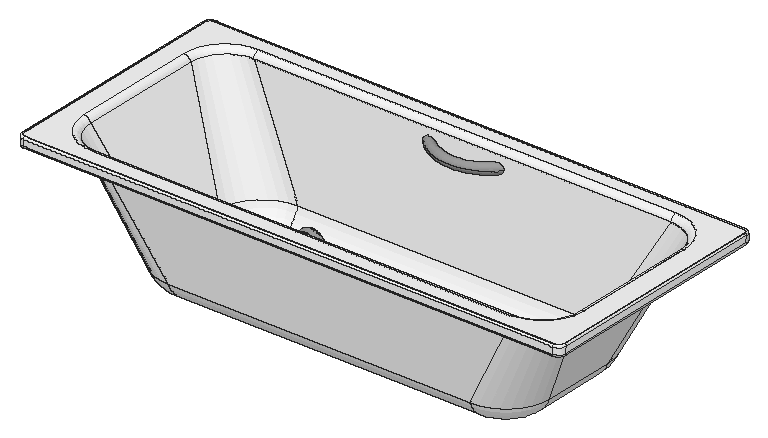
Revit family "KDW030001", category Plumbing Fixtures, Revit 2015
Parameters
  Youtube clip = ""
  Weight Net (Kg) = "0"
  Weight = "n/a"
  Website link = "https://www.kaldewei.co.uk/products/baths/detail/product/cayono-duo/"
  WaterSupplyOverflowAndWasteHolesWaterSupply = "n/a"
  WaterSupplyOverflowAndWasteHolesWaste = "52 mm"
  WaterSupplyOverflowAndWasteHolesOverflow = "52 mm"
  WarrantyStartDate = "https://www.kaldewei.co.uk/fileadmin/data/sprachen/englisch/prospekte/rest/GB_GUARANTEE__CARE_AND_INSTALLATION_INSTRUCTIONS.pdf"
  WarrantyDurationUnit = "Year"
  WarrantyDurationParts = "30"
  VolumeToOverflowMaximum = "n/a"
  Version = "2"
  Uniformat II Description = ""
  Uniformat II Code = ""
  Uniclass 2015 Name = ""
  Uniclass 2015 Code = ""
  Uniclass 2015 = "Pr_40_20_06_08"
  Uniclass 2.0 Description = "Baths"
  Uniclass 2.0 Code = "PR-35-06-08"
  Uniclass 1.4 Description = "Baths"
  Uniclass 1.4 Code = "L7211"
  URL = "https://www.kaldewei.com"
  UNSPSCNames = "Sanitary ware "
  UNSPSCCode = "30181500"
  UNSPSC Code = "30181501"
  Type of support framing = "https://www.kaldewei.co.uk/products/baths/detail/product/cayono-duo/?tx_wkkaldeweiproducts_product%5Bmodellnr%5D=724&cHash=26f9362ccc45a5278657edeca09c4003#tabConfiguration"
  Type of accessories = "https://www.kaldewei.co.uk/products/baths/detail/product/cayono-duo/?tx_wkkaldeweiproducts_product%5Bmodellnr%5D=724&cHash=26f9362ccc45a5278657edeca09c4003#tabConfiguration"
  Technical description = "https://www.kaldewei.co.uk/fileadmin/data/sprachen/englisch/techdata/KADBE_CAYONODUO___________724__.pdf"
  Technical data link = "https://kaldewei.typo-live.web-factory.de/fileadmin/data/sprachen/englisch/techdata/KADBE_CAYONODUO___________724__.pdf"
  Sustainability = "https://kaldewei-fa.secure.footprint.net/data/sprachen/englisch/prospekte/rest/Steel_Enamel_Baths_and_Shower_Trays.pdf"
  Sound Insulation = "DIN 4109:2016, VDI4100:2012"
  Size = "750x1700x400"
  Shape = "Rectangular baths"
  SerialNumber = "724"
  Region South America = "AR, BO, BR, CL, CO, EC, FK, GF, GY, PE, PY, SR, UY, VE"
  Region Oceania = "AS, AU, CK, FJ, FM, GU, KI, MH, MP, NC, NF, NR, NU, NZ, PF, PG, PN, PW, SB, TK, TL, TO, TV, UM, WF, WS, VU"
  Region North America = "AG, AI, AW, BB, BL, BM, BQ, BS, BZ, CA, CR, CU, CW, DM, DO, GD, GL, GP, GT, HN, HT, JM, KN, KY, LC, MF, MQ, MS, MX, NI, PA, PM, PR, SV, SX, TC, TT, US, VC, VG, VI"
  Region Middle East = "AE, AF, BH, EG, IL, IQ, IR, JO, KW, LB, OM, PS, QA, SA, SY, TR, YE"
  Region Europe = "AD, AL, AT, AX, BA, BE, BG, BY, CH, CY, CZ, DE, DK, EE, ES, FI, FO, FR, GB, GG, GI, GR, HR, HU, IE, IM, IS, IT, JE, LI, LT, LU, LV, MC, MD, ME, MK, MT, NL, NO, PL, PT, RO, RS, RU, SE, SI, SJ, SK, SM, UA, VA"
  Region Asia = "AM, AZ, BD, BN, BT, CC, CN, CX, GE, HK, ID, IN, IO, JP, KG, KH, KP, KR, KZ, LA, LK, MM, MN, MO, MV, MY, NP, PH, PK, SG, TH, TJ, TM, TW, UZ, VN"
  Region Antarctica = "AQ, BV, GS, HM, TF"
  Region Africa = "AO, BF, BI, BJ, BW, CD, CF, CG, CI, CM, CV, DJ, DZ, EH, ER, ET, GA, GH, GM, GN, GQ, GW, KE, KM, LR, LS, LY, MA, MG, ML, MR, MU, MW, MZ, NA, NE, NG, RE, RW, SC, SD, SH, SL, SN, SO, SS, ST, SZ, TD, TG, TN, TZ, UG, YT, ZA, ZM, ZW"
  QR code = "http://bimobject.com/kaldewei/product/724"
  ProductInformation = "Model No. 724: The CAYONO DUO is the first KALDEWEI duo bathtub in the ADVANTAGE segment and offers an attractive solution for two people bathing together. The CAYONO DUO’s hallmarks are lavish space, reclining comfort and a voluminous interior. Together with CAYONOPLAN showers and PURO washbasins, CAYONO bathtubs are now the new standard in the family bathroom."
  Product url = "https://www.kaldewei.co.uk/products/baths/detail/product/cayono-duo/"
  Product group = "Bathtub"
  Product family = "CAYONO"
  Product data url = "https://bimobject.com/kaldewei/product/724"
  Product certification = "https://www.kaldewei.co.uk/fileadmin/data/sprachen/alle/pdfs/leistungserkla__rungBW-DW-WT-0216Web.pdf"
  Product SKU = "724"
  Product Guid = "a56f45b6-51db-42b4-8e88-261e4862a7d3"
  Polantis code = "KDW030001"
  PanelMaterial = "n/a"
  OmniClass Description = ""
  OmniClass Code = ""
  ObjectNorm = "EN 14516 EU DECLARATION OF PERFORMANCE (https://www.kaldewei.de/fileadmin/data/sprachen/alle/pdfs/leistungserkla__rungBW-DW-WT-0216Web.pdf)"
  ObjectName = "CAYONO DUO 750x1700x400"
  Nominal width = 1700 cm
  Nominal height = 750 cm
  Name = "CAYONO DUO"
  NBS Reference Description = "Baths"
  NBS Reference Code = "35-06-08"
  Material secondary = "Enamel"
  Material main = "Steel"
  Material = "steel enamel"
  Masterformat 2014 Description = ""
  Masterformat 2014 Code = ""
  ManufacturerName = "KALDEWEI"
  ManufacturerEmail = "info@kaldewei.de"
  ManufacturerCountry = "GERMANY"
  Manufacturer name = ""
  Manufacturer country = "Germany"
  Link towards a photo of the product = "https://www.kaldewei.co.uk/products/baths/detail/product/cayono-duo/?tx_wkkaldeweiproducts_product%5Bmodellnr%5D=724&cHash=26f9362ccc45a5278657edeca09c4003#tabConfiguration"
  Installation instructions = ""
  IfcExportType = "IfcSanitaryTerminalType"
  IfcExportAs = "BATH"
  IFC Classification = "Furnishing Element"
  Finish = "https://www.kaldewei.co.uk/products/baths/extras-installation/surfaces/"
  Edition number = "1"
  EAN code = ""
  Durability = "https://EN 14516"
  DrainSize = "52 mm"
  Design country = "Germany"
  Description details = "KALDEWEI international Worldwide partner for iconic bathroom solutions made of KALDEWEI steel enamel  KALDEWEI steel enamel delivers unique advantages that inspire excellence in bathroom design. Projects across the world, from upmarket hotels to private homes, capture the sophisticated aesthetic that recommends KALDEWEI as the partner of choice. As a leading international manufacturer of high-quality shower surfaces, bathtubs and washbasins made of superior steel enamel, KALDEWEI today is present in more than 80 countries."
  Date of publishing = ""
  Configurator link = "https://www.kaldewei.co.uk/products/baths/detail/product/cayono-duo/?tx_wkkaldeweiproducts_product%5Bmodellnr%5D=724&cHash=26f9362ccc45a5278657edeca09c4003#tabConfiguration"
  ColourOptions = "https://www.kaldewei.co.uk/inspiration/material/colours/"
  Color = "https://www.kaldewei.co.uk/inspiration/material/colours/"
  COBIe Type Category = ""
  Brand url = "http://www.kaldewei.com"
  BIMobject category = "Bath & Spas"
  Additional features of the object = "https://www.kaldewei.co.uk/products/baths/detail/product/cayono-duo/?tx_wkkaldeweiproducts_product%5Bmodellnr%5D=724&cHash=26f9362ccc45a5278657edeca09c4003#tabConfiguration"
  Accessory [instance] = yes
Reference planes (cm)
  plane 1 "Center (Front/Back)": y = 0
  plane 2: z = -0.8406
  plane 3 "Center (Left/Right)": x = 0
Lines and regions (cm)
  symbolic lines, style "Lines"
    curve 1: arc (4.2742, 0, -0.8406) -> (-0.0632, 4.3374, -0.8406) -> (-4.4006, 0, -0.8406) r 4.3374
    curve 2: arc (-4.4006, 0, -0.8406) -> (-0.0632, -4.3374, -0.8406) -> (4.2742, 0, -0.8406) r 4.3374
    curve 3: arc (-65.2831, 32.5434, -0.8406) -> (-74.4754, 28.7358, -0.8406) -> (-78.2831, 19.5434, -0.8406) r 13
    curve 4: arc (78.1545, 19.5434, -0.8406) -> (74.3469, 28.7358, -0.8406) -> (65.1545, 32.5434, -0.8406) r 13
    curve 5: arc (65.1545, -32.5434, -0.8406) -> (74.3469, -28.7358, -0.8406) -> (78.1545, -19.5434, -0.8406) r 13
    curve 6: arc (-78.2831, -19.5434, -0.8406) -> (-74.4754, -28.7358, -0.8406) -> (-65.2831, -32.5434, -0.8406) r 13
    curve 7: arc (60.6137, 11.3736, -0.8406) -> (56.601, 21.061, -0.8406) -> (46.9137, 25.0736, -0.8406) r 13.7
    curve 8: arc (46.9137, -25.1349, -0.8406) -> (56.601, -21.1223, -0.8406) -> (60.6137, -11.4349, -0.8406) r 13.7
    curve 9: arc (-60.7418, -11.4349, -0.8406) -> (-56.7291, -21.1223, -0.8406) -> (-47.0418, -25.1349, -0.8406) r 13.7
    curve 10: arc (-47.0418, 25.0736, -0.8406) -> (-56.7291, 21.061, -0.8406) -> (-60.7418, 11.3736, -0.8406) r 13.7
    curve 11: arc (4.2742, 0, -0.8406) -> (-0.0632, 4.3374, -0.8406) -> (-4.4006, 0, -0.8406) r 4.3374
    curve 12: arc (-4.4006, 0, -0.8406) -> (-0.0632, -4.3374, -0.8406) -> (4.2742, 0, -0.8406) r 4.3374
    curve 13: line (-8.3853, 30.1818, -0.8406) -> (-12.4579, 30.1304, -0.8406)
    curve 14: line (13.3101, 30.1304, -0.8406) -> (9.2375, 30.1818, -0.8406)
    curve 15: arc (-12.4579, 30.1304, -0.8406) -> (0.4261, 23.9775, -0.8406) -> (13.3101, 30.1304, -0.8406) r 16.5658
    curve 16: arc (-8.3853, 30.1818, -0.8406) -> (0.4261, 27.0257, -0.8406) -> (9.2375, 30.1818, -0.8406) r 13.8783
    curve 17: spline (4.3884, -29.0857, -0.8406) -> (4.3978, -29.0856, -0.8406) -> (4.4071, -29.0853, -0.8406) -> (4.416, -29.0848, -0.8406) -> (4.4245, -29.0841, -0.8406) -> (4.4323, -29.0833, -0.8406) -> (4.4394, -29.0822, -0.8406) -> (4.4456, -29.0811, -0.8406) -> (4.4509, -29.0798, -0.8406) -> (4.455, -29.0785, -0.8406) -> (4.4581, -29.077, -0.8406) -> (4.4599, -29.0755, -0.8406) -> (4.4605, -29.074, -0.8406)
    curve 18: spline (4.4605, -29.074, -0.8406) -> (4.4788, -29.0522, -0.8406) -> (4.4937, -29.0304, -0.8406) -> (4.5053, -29.0086, -0.8406) -> (4.5136, -28.9867, -0.8406) -> (4.5186, -28.9648, -0.8406) -> (4.5202, -28.9428, -0.8406) -> (4.5186, -28.9209, -0.8406) -> (4.5136, -28.899, -0.8406) -> (4.5053, -28.8771, -0.8406) -> (4.4937, -28.8552, -0.8406) -> (4.4788, -28.8334, -0.8406) -> (4.4605, -28.8117, -0.8406)
    curve 19: spline (4.4605, -28.8117, -0.8406) -> (4.4574, -28.81, -0.8406) -> (4.4531, -28.8084, -0.8406) -> (4.4478, -28.8069, -0.8406) -> (4.4415, -28.8055, -0.8406) -> (4.4343, -28.8042, -0.8406) -> (4.4262, -28.8031, -0.8406) -> (4.4174, -28.8021, -0.8406) -> (4.4081, -28.8013, -0.8406) -> (4.3982, -28.8006, -0.8406) -> (4.3879, -28.8002, -0.8406) -> (4.3773, -28.7999, -0.8406) -> (4.3667, -28.7998, -0.8406)
    curve 20: spline (3.9267, -28.7998, -0.8406) -> (3.9168, -28.8004, -0.8406) -> (3.9072, -28.8011, -0.8406) -> (3.8983, -28.8021, -0.8406) -> (3.89, -28.8031, -0.8406) -> (3.8824, -28.8043, -0.8406) -> (3.8757, -28.8057, -0.8406) -> (3.8698, -28.8071, -0.8406) -> (3.865, -28.8086, -0.8406) -> (3.8611, -28.8103, -0.8406) -> (3.8583, -28.8119, -0.8406) -> (3.8567, -28.8136, -0.8406) -> (3.8561, -28.8153, -0.8406)
    curve 21: spline (3.8538, -29.0704, -0.8406) -> (3.8809, -29.0497, -0.8406) -> (3.9031, -29.0289, -0.8406) -> (3.9206, -29.0079, -0.8406) -> (3.9332, -28.9869, -0.8406) -> (3.9409, -28.9658, -0.8406) -> (3.9437, -28.9447, -0.8406) -> (3.9417, -28.9236, -0.8406) -> (3.9347, -28.9025, -0.8406) -> (3.923, -28.8814, -0.8406) -> (3.9063, -28.8605, -0.8406) -> (3.8848, -28.8396, -0.8406) -> (3.8586, -28.8189, -0.8406)
    curve 22: spline (3.8538, -29.0704, -0.8406) -> (3.8535, -29.0723, -0.8406) -> (3.8547, -29.0742, -0.8406) -> (3.8577, -29.0761, -0.8406) -> (3.8622, -29.0779, -0.8406) -> (3.8682, -29.0796, -0.8406) -> (3.8756, -29.0811, -0.8406) -> (3.8842, -29.0824, -0.8406) -> (3.8938, -29.0836, -0.8406) -> (3.9044, -29.0845, -0.8406) -> (3.9156, -29.0851, -0.8406) -> (3.9273, -29.0855, -0.8406) -> (3.9392, -29.0857, -0.8406)
    curve 23: spline (4.4605, -29.7644, -0.8406) -> (4.4701, -29.7536, -0.8406) -> (4.4788, -29.7427, -0.8406) -> (4.4866, -29.7318, -0.8406) -> (4.4937, -29.7209, -0.8406) -> (4.4999, -29.71, -0.8406) -> (4.5053, -29.699, -0.8406) -> (4.5099, -29.6881, -0.8406) -> (4.5136, -29.6771, -0.8406) -> (4.5165, -29.6662, -0.8406) -> (4.5186, -29.6552, -0.8406) -> (4.5198, -29.6442, -0.8406) -> (4.5202, -29.6333, -0.8406)
    curve 24: spline (4.3884, -29.7761, -0.8406) -> (4.3978, -29.776, -0.8406) -> (4.4071, -29.7757, -0.8406) -> (4.416, -29.7752, -0.8406) -> (4.4245, -29.7746, -0.8406) -> (4.4323, -29.7737, -0.8406) -> (4.4394, -29.7727, -0.8406) -> (4.4456, -29.7716, -0.8406) -> (4.4509, -29.7703, -0.8406) -> (4.455, -29.7689, -0.8406) -> (4.4581, -29.7675, -0.8406) -> (4.4599, -29.766, -0.8406) -> (4.4605, -29.7644, -0.8406)
    curve 25: line (-65.2831, 32.5434, -0.8406) -> (65.1545, 32.5434, -0.8406)
    curve 26: line (78.1545, 19.5434, -0.8406) -> (78.1545, -19.5434, -0.8406)
    curve 27: line (65.1545, -32.5434, -0.8406) -> (-65.2831, -32.5434, -0.8406)
    curve 28: line (-78.2831, -19.5434, -0.8406) -> (-78.2831, 19.5434, -0.8406)
    curve 29: line (-47.0418, 25.0736, -0.8406) -> (-5.584, 25.0736, -0.8406)
    curve 30: line (6.4356, 25.0736, -0.8406) -> (46.9137, 25.0736, -0.8406)
    curve 31: line (60.6137, 11.3736, -0.8406) -> (60.6137, -11.4349, -0.8406)
    curve 32: line (46.9137, -25.1349, -0.8406) -> (-47.0418, -25.1349, -0.8406)
    curve 33: line (-60.7418, -11.4349, -0.8406) -> (-60.7418, 11.3736, -0.8406)
    curve 34: line (-85.0643, 35.2, -0.8406) -> (-85.0643, -35.2, -0.8406)
    curve 35: line (-82.7643, -37.5, -0.8406) -> (82.6623, -37.5, -0.8406)
    curve 36: line (84.9357, -35.2266, -0.8406) -> (84.9357, 35.2, -0.8406)
    curve 37: line (82.6357, 37.5, -0.8406) -> (-82.7643, 37.5, -0.8406)
    curve 38: line (2.4599, -29.7763, -0.8406) -> (3.9267, -29.7763, -0.8406)
    curve 39: line (3.9267, -29.7763, -0.8406) -> (3.9267, -29.4999, -0.8406)
    curve 40: line (3.9267, -29.4999, -0.8406) -> (3.497, -29.4999, -0.8406)
    curve 41: line (4.4605, -29.7644, -0.8406) -> (4.4605, -29.074, -0.8406)
    curve 42: line (4.5202, -29.6333, -0.8406) -> (4.5202, -28.9428, -0.8406)
    curve 43: line (3.8561, -28.8153, -0.8406) -> (3.8561, -29.067, -0.8406)
    curve 44: line (3.8561, -29.067, -0.8406) -> (3.8534, -29.4895, -0.8406)
    curve 45: line (3.9392, -29.0857, -0.8406) -> (4.3884, -29.0857, -0.8406)
    curve 46: line (4.3667, -28.7998, -0.8406) -> (3.9267, -28.7998, -0.8406)
    curve 47: line (4.3884, -29.7761, -0.8406) -> (3.9392, -29.7761, -0.8406)
    curve 48: line (3.8552, -29.2141, -0.8406) -> (3.746, -29.2141, -0.8406)
    curve 49: line (3.746, -29.2141, -0.8406) -> (3.746, -27.2422, -0.8406)
    curve 50: line (3.2686, -26.8091, -0.8406) -> (3.1915, -26.7826, -0.8406)
    curve 51: line (3.1915, -26.7826, -0.8406) -> (3.1089, -26.757, -0.8406)
    curve 52: line (3.1089, -26.757, -0.8406) -> (3.0209, -26.7322, -0.8406)
    curve 53: line (3.0209, -26.7322, -0.8406) -> (2.9275, -26.7082, -0.8406)
    curve 54: line (2.9275, -26.7082, -0.8406) -> (2.8289, -26.6849, -0.8406)
    curve 55: line (2.8289, -26.6849, -0.8406) -> (2.725, -26.6624, -0.8406)
    curve 56: line (2.725, -26.6624, -0.8406) -> (2.616, -26.6406, -0.8406)
    curve 57: line (2.616, -26.6406, -0.8406) -> (2.5021, -26.6196, -0.8406)
    curve 58: line (2.5021, -26.6196, -0.8406) -> (2.3833, -26.5995, -0.8406)
    curve 59: line (2.3833, -26.5995, -0.8406) -> (2.2599, -26.5801, -0.8406)
    curve 60: line (2.2599, -26.5801, -0.8406) -> (2.1321, -26.5616, -0.8406)
    curve 61: line (2.1321, -26.5616, -0.8406) -> (1.9999, -26.544, -0.8406)
    curve 62: line (1.9999, -26.544, -0.8406) -> (1.8637, -26.5272, -0.8406)
    curve 63: line (1.8637, -26.5272, -0.8406) -> (1.7236, -26.5114, -0.8406)
    curve 64: line (1.7236, -26.5114, -0.8406) -> (1.5798, -26.4965, -0.8406)
    curve 65: line (1.5798, -26.4965, -0.8406) -> (1.4325, -26.4825, -0.8406)
    curve 66: line (1.4325, -26.4825, -0.8406) -> (1.282, -26.4695, -0.8406)
    curve 67: line (1.282, -26.4695, -0.8406) -> (1.1285, -26.4575, -0.8406)
    curve 68: line (1.1285, -26.4575, -0.8406) -> (0.9722, -26.4466, -0.8406)
    curve 69: line (0.9722, -26.4466, -0.8406) -> (0.8134, -26.4366, -0.8406)
    curve 70: line (0.8134, -26.4366, -0.8406) -> (0.6523, -26.4277, -0.8406)
    curve 71: line (0.6523, -26.4277, -0.8406) -> (0.4892, -26.4198, -0.8406)
    curve 72: line (0.4892, -26.4198, -0.8406) -> (0.3243, -26.413, -0.8406)
    curve 73: line (0.3243, -26.413, -0.8406) -> (0.1579, -26.4073, -0.8406)
    curve 74: line (0.1579, -26.4073, -0.8406) -> (-0.0098, -26.4027, -0.8406)
    curve 75: line (-0.0098, -26.4027, -0.8406) -> (-0.1785, -26.3991, -0.8406)
    curve 76: line (-0.1785, -26.3991, -0.8406) -> (-0.3478, -26.3967, -0.8406)
    curve 77: line (-0.3478, -26.3967, -0.8406) -> (-0.5177, -26.3953, -0.8406)
    curve 78: line (-0.5177, -26.3953, -0.8406) -> (-0.6877, -26.3953, -0.8406)
    curve 79: line (-0.6877, -26.3953, -0.8406) -> (-0.8577, -26.3959, -0.8406)
    curve 80: line (-0.8577, -26.3959, -0.8406) -> (-1.0273, -26.3979, -0.8406)
    curve 81: line (-1.0273, -26.3979, -0.8406) -> (-1.1963, -26.4009, -0.8406)
    curve 82: line (-1.1963, -26.4009, -0.8406) -> (-1.3645, -26.405, -0.8406)
    curve 83: line (-1.3645, -26.405, -0.8406) -> (-1.5315, -26.4103, -0.8406)
    curve 84: line (-1.5315, -26.4103, -0.8406) -> (-1.6971, -26.4166, -0.8406)
    curve 85: line (-1.6971, -26.4166, -0.8406) -> (-1.8611, -26.4239, -0.8406)
    curve 86: line (-1.8611, -26.4239, -0.8406) -> (-2.0232, -26.4324, -0.8406)
    curve 87: line (-2.0232, -26.4324, -0.8406) -> (-2.183, -26.4419, -0.8406)
    curve 88: line (-2.183, -26.4419, -0.8406) -> (-2.3405, -26.4524, -0.8406)
    curve 89: line (-2.3405, -26.4524, -0.8406) -> (-2.4953, -26.4639, -0.8406)
    curve 90: line (-2.4953, -26.4639, -0.8406) -> (-2.6473, -26.4764, -0.8406)
    curve 91: line (-2.6473, -26.4764, -0.8406) -> (-2.796, -26.4899, -0.8406)
    curve 92: line (-2.796, -26.4899, -0.8406) -> (-2.9415, -26.5044, -0.8406)
    curve 93: line (-2.9415, -26.5044, -0.8406) -> (-3.0833, -26.5198, -0.8406)
    curve 94: line (-3.0833, -26.5198, -0.8406) -> (-3.2214, -26.5361, -0.8406)
    curve 95: line (-3.2214, -26.5361, -0.8406) -> (-3.3554, -26.5534, -0.8406)
    curve 96: line (-3.3554, -26.5534, -0.8406) -> (-3.4853, -26.5715, -0.8406)
    curve 97: line (-3.4853, -26.5715, -0.8406) -> (-3.6108, -26.5904, -0.8406)
    curve 98: line (-3.6108, -26.5904, -0.8406) -> (-3.7317, -26.6102, -0.8406)
    curve 99: line (-3.7317, -26.6102, -0.8406) -> (-3.8478, -26.6309, -0.8406)
    curve 100: line (-3.8478, -26.6309, -0.8406) -> (-3.9591, -26.6523, -0.8406)
    curve 101: line (-3.9591, -26.6523, -0.8406) -> (-4.0653, -26.6744, -0.8406)
    curve 102: line (-4.0653, -26.6744, -0.8406) -> (-4.1664, -26.6974, -0.8406)
    curve 103: line (-4.1664, -26.6974, -0.8406) -> (-4.2623, -26.7211, -0.8406)
    curve 104: line (-4.2623, -26.7211, -0.8406) -> (-4.3527, -26.7455, -0.8406)
    curve 105: line (-4.3527, -26.7455, -0.8406) -> (-4.4378, -26.7708, -0.8406)
    curve 106: line (-4.4378, -26.7708, -0.8406) -> (-4.5174, -26.7968, -0.8406)
    curve 107: line (-4.5174, -26.7968, -0.8406) -> (-4.5916, -26.8237, -0.8406)
    curve 108: line (-5.0296, -27.2422, -0.8406) -> (-5.0296, -29.2207, -0.8406)
    curve 109: spline (-4.8477, -27.0827, -0.8406) -> (-4.7044, -27.2591, -0.8406) -> (-4.2842, -27.4234, -0.8406) -> (-3.6158, -27.5645, -0.8406) -> (-2.7448, -27.6728, -0.8406) -> (-1.7304, -27.7409, -0.8406) -> (-0.6418, -27.7641, -0.8406) -> (0.4467, -27.7409, -0.8406) -> (1.4611, -27.6728, -0.8406) -> (2.3322, -27.5645, -0.8406) -> (3.0006, -27.4234, -0.8406) -> (3.4207, -27.2591, -0.8406) -> (3.5641, -27.0827, -0.8406)
    curve 110: spline (3.5641, -27.0827, -0.8406) -> (3.4207, -26.9064, -0.8406) -> (3.0006, -26.7421, -0.8406) -> (2.3322, -26.601, -0.8406) -> (1.4611, -26.4927, -0.8406) -> (0.4467, -26.4246, -0.8406) -> (-0.6418, -26.4014, -0.8406) -> (-1.7304, -26.4246, -0.8406) -> (-2.7448, -26.4927, -0.8406) -> (-3.6158, -26.601, -0.8406) -> (-4.2842, -26.7421, -0.8406) -> (-4.7044, -26.9064, -0.8406) -> (-4.8477, -27.0827, -0.8406)
    curve 111: line (-5.0288, -29.2328, -0.8406) -> (3.746, -29.2141, -0.8406)
    curve 112: arc (-85.0643, 35.2, -0.8406) -> (-84.3906, 36.8263, -0.8406) -> (-82.7643, 37.5, -0.8406) r 2.3
    curve 113: arc (-85.0643, -35.2, -0.8406) -> (-84.3906, -36.8263, -0.8406) -> (-82.7643, -37.5, -0.8406) r 2.3
    curve 114: arc (82.6623, -37.5, -0.8406) -> (84.2698, -36.8341, -0.8406) -> (84.9357, -35.2266, -0.8406) r 2.2734
    curve 115: arc (82.6357, 37.5, -0.8406) -> (84.262, 36.8263, -0.8406) -> (84.9357, 35.2, -0.8406) r 2.3
    curve 116: arc (-5.0296, -27.2422, -0.8406) -> (-4.8546, -26.9869, -0.8406) -> (-4.5916, -26.8237, -0.8406) r 0.752
    curve 117: arc (3.2686, -26.8091, -0.8406) -> (3.552, -26.9764, -0.8406) -> (3.746, -27.2422, -0.8406) r 0.8149
    curve 118: circle (-0.0632, 0, -0.8406) r 3.6862 normal (0, 0, 1)
Nested families (cm)
  nested 1: "01" at (0, 0, -1.6812), type "01"
  nested 2: "Ventilkegel D74" at (-0.0396, -0.0917, -1.2048), visible <- "Accessory", type "Ventilkegel D74"
  nested 3: "Designfreigabe_CL_BA-196-10b" at (-16.3337, -29.0154, 28.7387) x (0, 0.162, -0.9868) z (0, 0.9868, 0.162), visible <- "Accessory", type "Designfreigabe_CL_BA-196-10b"
  nested 4: "WB_Designsiphon" at (0.416, 28.0434, 31.4711) x (0, 1, 0) z (0, 0, 1), visible <- "Accessory", type "WB_Designsiphon"
Connectors (cm)
  piping at (-0.0632, 0, -1.6812), diameter 5
    settings: on nested 1, index 1, connector inside diameter 609.6 mm, connector length 0 cm, flow factor 0, pipe flow 0.0 L/s, pressure drop 0.0 Pa, fitting loss kfactor 0, connector angle 0.00°, fixture units 0, engagement length 0 cm, angle of deflection 0.00°, flow configuration 0, flow direction 2, fitting loss method 0, system type 16, joint type 0, gender type 0, connector reference index -1, connector utility 0, adjustable connector no, is connector primary yes, connector description ""
Definition of nested family "01"
  Parameters (values of type "01")
    Polantis code = "KDW030001"
    Finition = none
  Reference planes (cm)
    plane 1 "Center (Front/Back)": y = 0
    plane 2: z = 0
    plane 3 "Center (Left/Right)": x = 0
  Forms (cm)
    Sweep 1, solid, material <- "Finition"
      path origin (0, 0, -0.4264) x (1, 0, 0) y (0, 1, 0)
        loop
          line (82.6357, 37.5) -> (-82.7643, 37.5)
          arc (-82.7643, 37.5) -> (-84.3906, 36.8263) -> (-85.0643, 35.2) r 2.3
          line (-85.0643, 35.2) -> (-85.0643, -35.2)
          arc (-85.0643, -35.2) -> (-84.3906, -36.8263) -> (-82.7643, -37.5) r 2.3
          line (-82.7643, -37.5) -> (82.6623, -37.5)
          arc (82.6623, -37.5) -> (84.2698, -36.8341) -> (84.9357, -35.2266) r 2.2734
          line (84.9357, -35.2266) -> (84.9357, 35.2)
          arc (84.9357, 35.2) -> (84.262, 36.8263) -> (82.6357, 37.5) r 2.3
      profile origin (-0.0643, 37.5, -0.4264) x (0, -1, 0) y (0, 0, 1)
        loop
          line (0, 40.6175) -> (0, 38.6297)
          arc (0, 38.6297) -> (0.1757, 38.2054) -> (0.6, 38.0297) r 0.6
          line (0.6, 38.0297) -> (1.2, 38.0297) -> (1.2, 38.3297) -> (0.6, 38.3297)
          arc (0.6, 38.3297) -> (0.3879, 38.4176) -> (0.3, 38.6297) r 0.3
          line (0.3, 38.6297) -> (0.3, 40.6175)
          arc (0.3, 40.6175) -> (0.3904, 40.8358) -> (0.6088, 40.9263) r 0.3088
          line (0.6088, 40.9263) -> (0.6088, 41.2263)
          arc (0.6088, 41.2263) -> (0.1783, 41.048) -> (0, 40.6175) r 0.6088
    Revolve 2, solid, material <- "Finition"
      sketch origin (0, 0, -0.0297) x (1, 0, 0) y (0, 0, 1)
        loop
          line (-2.6643, 0.0297) -> (-2.6643, 0.3297) -> (-3.0005, 0.3297)
          arc (-3.0005, 0.3297) -> (-3.2402, 0.4005) -> (-3.4158, 0.5785) r 0.5006
          arc (-3.4158, 0.5785) -> (-3.8321, 1.0021) -> (-4.4006, 1.1738) r 1.1988
          line (-4.4006, 1.1738) -> (-4.4006, 0.8703)
          arc (-4.4006, 0.8703) -> (-3.9841, 0.7632) -> (-3.6886, 0.4507) r 0.7756
          arc (-3.6886, 0.4507) -> (-3.4063, 0.1457) -> (-3.0072, 0.0297) r 0.7778
          line (-3.0072, 0.0297) -> (-2.6643, 0.0297)
        axis (-0.0632, 1.1738) -> (-0.0632, 0.0297)
      angle from 0 to 360
    Extrusion 3, solid, material <- "Finition"
      sketch origin (0, 0, -0.4264) x (1, 0, 0) y (0, 1, 0)
        loop
          arc (-82.7643, 36.8912) -> (-83.9601, 36.3959) -> (-84.4555, 35.2) r 1.6912
          line (-84.4555, 35.2) -> (-84.4555, -35.2)
          arc (-84.4555, -35.2) -> (-83.9601, -36.3959) -> (-82.7643, -36.8912) r 1.6912
          line (-82.7643, -36.8912) -> (82.6623, -36.8912)
          arc (82.6623, -36.8912) -> (83.8394, -36.4037) -> (84.3269, -35.2266) r 1.6646
          line (84.3269, -35.2266) -> (84.3269, 35.2)
          arc (84.3269, 35.2) -> (83.8316, 36.3959) -> (82.6357, 36.8912) r 1.6912
          line (82.6357, 36.8912) -> (-82.7643, 36.8912)
        loop
          arc (-65.2831, 32.5434) -> (-74.4754, 28.7358) -> (-78.2831, 19.5434) r 13
          line (-78.2831, 19.5434) -> (-78.2831, -19.5434)
          arc (-78.2831, -19.5434) -> (-74.4754, -28.7358) -> (-65.2831, -32.5434) r 13
          line (-65.2831, -32.5434) -> (65.1545, -32.5434)
          arc (65.1545, -32.5434) -> (74.3469, -28.7358) -> (78.1545, -19.5434) r 13
          line (78.1545, -19.5434) -> (78.1545, 19.5434)
          arc (78.1545, 19.5434) -> (74.3469, 28.7358) -> (65.1545, 32.5434) r 13
          line (65.1545, 32.5434) -> (-65.2831, 32.5434)
      from 40.9263 to 41.2263
    Sweep 4, solid, material <- "Finition"
      path origin (0, 0, -0.4264) x (1, 0, 0) y (0, 1, 0)
        loop
          arc (-78.2831, -19.5434) -> (-74.4754, -28.7358) -> (-65.2831, -32.5434) r 13
          line (-65.2831, -32.5434) -> (65.1545, -32.5434)
          arc (65.1545, -32.5434) -> (74.3469, -28.7358) -> (78.1545, -19.5434) r 13
          line (78.1545, -19.5434) -> (78.1545, 19.5434)
          arc (78.1545, 19.5434) -> (74.3469, 28.7358) -> (65.1545, 32.5434) r 13
          line (65.1545, 32.5434) -> (-65.2831, 32.5434)
          arc (-65.2831, 32.5434) -> (-74.4754, 28.7358) -> (-78.2831, 19.5434) r 13
          line (-78.2831, 19.5434) -> (-78.2831, -19.5434)
      profile origin (-78.2831, 0, -0.4264) x (-1, 0, 0) y (0, 0, 1)
        loop
          arc (0, 41.2263) -> (-1.2744, 40.7649) -> (-2.0788, 39.674) r 2.3383
          line (-2.0788, 39.674) -> (-1.7801, 39.674)
          arc (-1.7801, 39.674) -> (-1.0553, 40.5353) -> (0, 40.9269) r 2.2062
          line (0, 40.9269) -> (0, 41.2263)
    Sweep 5, solid, material <- "Finition"
      path origin (0, 0, -0.4264) x (1, 0, 0) y (0, 1, 0)
        loop
          arc (-61.0418, -11.4349) -> (-56.9412, -21.3344) -> (-47.0418, -25.4349) r 14
          line (-47.0418, -25.4349) -> (46.9137, -25.4349)
          arc (46.9137, -25.4349) -> (56.8132, -21.3344) -> (60.9137, -11.4349) r 14
          line (60.9137, -11.4349) -> (60.9137, 11.3736)
          arc (60.9137, 11.3736) -> (56.8132, 21.2731) -> (46.9137, 25.3736) r 14
          line (46.9137, 25.3736) -> (-47.0418, 25.3736)
          arc (-47.0418, 25.3736) -> (-56.9412, 21.2731) -> (-61.0418, 11.3736) r 14
          line (-61.0418, 11.3736) -> (-61.0418, -11.4349)
      profile origin (-61.0418, -0.0306, -0.4264) x (-1, 0, 0) y (0, 0, 1)
        loop
          arc (-5.9419, 1.2669) -> (-2.3104, 3.5773) -> (0, 7.2088) r 9.9156
          line (0, 7.2088) -> (-0.3, 7.2088)
          arc (-0.3, 7.2088) -> (-2.5225, 3.7895) -> (-5.9419, 1.5669) r 9.8263
          line (-5.9419, 1.5669) -> (-5.9419, 1.2669)
    SweptBlend 6, solid, material <- "Finition"
      path origin (0, 0, -0.4264) x (1, 0, 0) y (0, 0, 1)
        loop
          line (-0.0643, 39.674) -> (-0.0643, 7.2088)
      profile origin (-0.0643, 0, 39.2476) x (0, -1, 0) y (1, 0, 0)
        loop
          arc (-30.7634, -65.2188) -> (-27.4771, -73.1525) -> (-19.5434, -76.4387) r 11.2199
          line (-19.5434, -76.4387) -> (19.5434, -76.4387)
          arc (19.5434, -76.4387) -> (27.4771, -73.1525) -> (30.7634, -65.2188) r 11.2199
          line (30.7634, -65.2188) -> (30.7634, 65.2188)
          arc (30.7634, 65.2188) -> (27.4771, 73.1525) -> (19.5434, 76.4387) r 11.2199
          line (19.5434, 76.4387) -> (-19.5434, 76.4387)
          arc (-19.5434, 76.4387) -> (-27.4771, 73.1525) -> (-30.7634, 65.2188) r 11.2199
          line (-30.7634, 65.2188) -> (-30.7634, -65.2188)
      end profile origin (-0.0643, 0, 6.7825) x (0, -1, 0) y (1, 0, 0)
        loop
          line (-11.3736, -60.9775) -> (11.4349, -60.9775)
          arc (11.4349, -60.9775) -> (21.3344, -56.877) -> (25.4349, -46.9775) r 14
          line (25.4349, -46.9775) -> (25.4349, 46.978)
          arc (25.4349, 46.978) -> (21.3344, 56.8774) -> (11.4349, 60.978) r 14
          line (11.4349, 60.978) -> (-11.3736, 60.978)
          arc (-11.3736, 60.978) -> (-21.2731, 56.8774) -> (-25.3736, 46.978) r 14
          line (-25.3736, 46.978) -> (-25.3736, -46.9775)
          arc (-25.3736, -46.9775) -> (-21.2731, -56.877) -> (-11.3736, -60.9775) r 14
    SweptBlend 7, void
      path origin (0, 0, -0.4264) x (1, 0, 0) y (0, 0, 1)
        loop
          line (-0.0643, 39.674) -> (-0.0643, 7.2088)
      profile origin (-0.0643, 0, 39.2476) x (0, -1, 0) y (1, 0, 0)
        loop
          line (-19.5434, -76.14) -> (19.5434, -76.14)
          arc (19.5434, -76.14) -> (27.2659, -72.9412) -> (30.4646, -65.2188) r 10.9212
          line (30.4646, -65.2188) -> (30.4646, 65.2188)
          arc (30.4646, 65.2188) -> (27.2659, 72.9412) -> (19.5434, 76.14) r 10.9212
          line (19.5434, 76.14) -> (-19.5434, 76.14)
          arc (-19.5434, 76.14) -> (-27.2659, 72.9412) -> (-30.4646, 65.2188) r 10.9212
          line (-30.4646, 65.2188) -> (-30.4646, -65.2188)
          arc (-30.4646, -65.2188) -> (-27.2659, -72.9412) -> (-19.5434, -76.14) r 10.9212
      end profile origin (-0.0643, 0, 6.7825) x (0, -1, 0) y (1, 0, 0)
        loop
          arc (-25.0736, -46.9775) -> (-21.061, -56.6648) -> (-11.3736, -60.6775) r 13.7
          line (-11.3736, -60.6775) -> (11.4349, -60.6775)
          arc (11.4349, -60.6775) -> (21.1223, -56.6648) -> (25.1349, -46.9775) r 13.7
          line (25.1349, -46.9775) -> (25.1349, 46.978)
          arc (25.1349, 46.978) -> (21.1223, 56.6653) -> (11.4349, 60.678) r 13.7
          line (11.4349, 60.678) -> (-11.3736, 60.678)
          arc (-11.3736, 60.678) -> (-21.061, 56.6653) -> (-25.0736, 46.978) r 13.7
          line (-25.0736, 46.978) -> (-25.0736, -46.9775)
    Extrusion 8, solid, material <- "Finition"
      sketch origin (0, 0, -0.4264) x (1, 0, 0) y (0, 1, 0)
        loop
          arc (-47.0418, 19.4317) -> (-52.7397, 17.0716) -> (-55.0999, 11.3736) r 8.0581
          line (-55.0999, 11.3736) -> (-55.0999, -11.4349)
          arc (-55.0999, -11.4349) -> (-52.7397, -17.1329) -> (-47.0418, -19.493) r 8.0581
          line (-47.0418, -19.493) -> (46.9137, -19.493)
          arc (46.9137, -19.493) -> (52.6116, -17.1329) -> (54.9718, -11.4349) r 8.0581
          line (54.9718, -11.4349) -> (54.9718, 11.3736)
          arc (54.9718, 11.3736) -> (52.6116, 17.0716) -> (46.9137, 19.4317) r 8.0581
          line (46.9137, 19.4317) -> (-47.0418, 19.4317)
      from 1.2669 to 1.5669
    Extrusion 9, void
      sketch origin (0, 0, -0.4264) x (1, 0, 0) y (0, 1, 0)
        loop
          circle (-0.0632, 0) r 4.3374
      from 1.1598 to 1.6776
    Extrusion 10, void
      sketch origin (0, 0, 0) x (1, 0, 0) y (0, 0, 1)
        loop
          circle (-0.704, 34.7091) r 2.5521
      from 28.5779 to 40
  Cuts and joins
    Extrusion 10 cuts Sweep 5
    SweptBlend 7, Extrusion 10 cuts SweptBlend 6
    joined: Sweep 5, SweptBlend 6
    joined: Extrusion 3, Sweep 4
    Extrusion 9 cuts Extrusion 8
Definition of nested family "Ventilkegel D74"
  Parameters (values of type "Ventilkegel D74")
    Plomberie = none
  Reference planes (cm)
    plane 1 "Center (Front/Back)": y = 0
    plane 2: z = 0
    plane 3 "Center (Left/Right)": x = 0
  Forms (cm)
    Revolve 1, solid, material <- "Plomberie"
      sketch origin (-95.7298, 0, 19.917) x (1, 0, 0) y (0, 0, 1)
        loop
          line (92.0211, -19.1844) -> (92.0211, -19.3081) -> (94.0811, -19.3081) -> (94.0811, -19.917) -> (93.8498, -19.917)
          arc (93.8498, -19.917) -> (93.7281, -20.0722) -> (93.5369, -20.1202) r 0.3043
          arc (93.5369, -20.1202) -> (93.4889, -20.1682) -> (93.5369, -20.2162) r 0.048
          arc (93.5369, -20.2162) -> (93.7216, -20.271) -> (93.8468, -20.4175) r 0.3392
          line (93.8468, -20.4175) -> (94.0383, -20.4175) -> (94.0383, -20.567) -> (95.3299, -20.567) -> (95.3299, -23.5655) -> (95.3927, -23.6284) -> (95.3927, -23.9371) -> (95.533, -23.9371) -> (95.533, -24.6448) -> (95.3812, -24.6448) -> (95.4088, -24.902) -> (95.7298, -24.902) -> (95.7298, -18.841) -> (95.4937, -18.841)
          arc (95.4937, -18.841) -> (93.9743, -18.9074) -> (92.4665, -19.1059) r 17.4325
          line (92.4665, -19.1059) -> (92.0211, -19.1844)
        axis (95.7298, -18.841) -> (95.7298, -24.902)
      angle from 0 to 360
Definition of nested family "Designfreigabe_CL_BA-196-10b"
  Parameters (values of type "Designfreigabe_CL_BA-196-10b")
    Visible = yes
    Plomberie = none
    Default Elevation = 121.92 cm
  Reference planes (cm)
    plane 1 "Center (Front/Back)": y = 0
    plane 2: z = 0
    plane 3 "Center (Left/Right)": x = 0
  Forms (cm)
    Extrusion 1, solid
      sketch origin (0, 0, 0) x (1, 0, 0) y (0, 1, 0)
        loop
          line (-121.92, 121.92) -> (-121.92, -121.92) -> (121.92, -121.92) -> (121.92, 121.92) -> (-121.92, 121.92)
      from 0 to -30.48
  Dimensions and locks (cm)
    aligned and locked: plane 2 to Extrusion 1
    aligned and locked: level to Extrusion 1
  Nested families (cm)
    nested 1: "Designfreigabe_CL_BA-196-10b" at (-4.7895, -15.7591, -0.3), type "Designfreigabe_CL_BA-196-10b"
  Definition of nested family "Designfreigabe_CL_BA-196-10b"
    Parameters (values of type "Designfreigabe_CL_BA-196-10b")
      Plomberie = none
    Reference planes (cm)
      plane 1 "Center (Front/Back)": y = 0
      plane 2: z = 0
      plane 3 "Center (Left/Right)": x = 0
    Forms (cm)
      Revolve 1, solid, material <- "Plomberie"
        sketch origin (-0.0352, 4.9802, 2.2129) x (0, 1, 0) y (0, 0, 1)
          loop
            line (-4.9129, 0.8376) -> (-4.9129, -1.9129) -> (-1.8324, -1.9129) -> (-1.8324, -1.8129) -> (-1.7114, -1.8129) -> (-1.6829, -1.7066) -> (-1.6829, -1.5829)
            arc (-1.6829, -1.5829) -> (-1.7186, -1.4699) -> (-1.8126, -1.3977) r 0.1971
            line (-1.8126, -1.3977) -> (-0.5939, -1.3977)
            arc (-0.5939, -1.3977) -> (-0.5452, -1.3776) -> (-0.5251, -1.329) r 0.0688
            line (-0.5251, -1.329) -> (-0.5251, 0.676)
            arc (-0.5251, 0.676) -> (-0.5798, 0.7977) -> (-0.707, 0.8376) r 0.1627
            line (-0.707, 0.8376) -> (-4.9129, 0.8376)
          axis (-4.9129, -1.9129) -> (-4.9129, 0.8376)
        angle from 0 to 360
      Extrusion 2, solid, material <- "Plomberie"
        sketch origin (-9.2937, 4.9129, 2.2129) x (1, 0, 0) y (0, 1, 0)
          loop
            arc (8.412, -9.8759) -> (8.4331, -9.9269) -> (8.4841, -9.948) r 0.0721
            arc (8.4841, -9.948) -> (9.2938, -10.0077) -> (10.1034, -9.948) r 5.5201
            arc (10.1034, -9.948) -> (10.1562, -9.9137) -> (10.1767, -9.8542) r 0.0968
            line (10.1767, -9.8542) -> (10.1767, -9.4142)
            arc (10.1767, -9.4142) -> (10.131, -9.3571) -> (10.0587, -9.3461) r 0.1005
            arc (10.0587, -9.3461) -> (9.2929, -9.4312) -> (8.5272, -9.3461) r 3.4851
            arc (8.5272, -9.3461) -> (8.4486, -9.3564) -> (8.412, -9.4267) r 0.0858
            line (8.412, -9.4267) -> (8.412, -9.8759)
        from -1.7528 to -1.0531
      Extrusion 3, solid, material <- "Plomberie"
        sketch origin (-9.2937, 4.9129, 2.2129) x (0, 1, 0) y (0, 0, 1)
          loop
            line (-9.4142, -1.4729) -> (-9.4142, -1.753) -> (-3.6461, -1.753) -> (-3.6461, -1.4729) -> (-9.4142, -1.4729)
        from 8.412 to 10.1767
Definition of nested family "WB_Designsiphon"
  Parameters (values of type "WB_Designsiphon")
    Plomberie = none
  Reference planes (cm)
    plane 1 "Center (Front/Back)": y = 0
    plane 2: z = 0
    plane 3 "Center (Left/Right)": x = 0
  Forms (cm)
    Sweep 1, solid, material <- "Plomberie"
      path origin (11.1564, -0.178, 2.4797) x (0.000724, 1, 0) y (-1, 0.000724, 0)
        loop
          line (-13.2569, 7.4829) -> (-13.2569, 9.165)
          arc (-13.2569, 9.165) -> (-0.0069, 15.6686) -> (13.2431, 9.165) r 16.7491
          line (13.2431, 9.165) -> (13.2431, 7.4829)
      profile origin (2.8228, -13.4289, 2.4797) x (-0.000724, -1, 0) y (0, 0, 1)
        loop
          spline (-3.345, 0.0356) -> (-3.2939, -0.3526) -> (-3.1441, -0.7144) -> (-2.9057, -1.025) -> (-2.595, -1.2634) -> (-2.2333, -1.4133) -> (-1.845, -1.4644) -> (-1.4568, -1.4133) -> (-1.095, -1.2634) -> (-0.7844, -1.025) -> (-0.546, -0.7144) -> (-0.3961, -0.3526) -> (-0.345, 0.0356)
          spline (-0.345, 0.0356) -> (-0.3961, 0.4239) -> (-0.546, 0.7856) -> (-0.7844, 1.0963) -> (-1.095, 1.3347) -> (-1.4568, 1.4845) -> (-1.845, 1.5356) -> (-2.2333, 1.4845) -> (-2.595, 1.3347) -> (-2.9057, 1.0963) -> (-3.1441, 0.7856) -> (-3.2939, 0.4239) -> (-3.345, 0.0356)
    Extrusion 2, void
      sketch origin (11.1564, -0.178, 2.4797) x (-1, 0.000724, 0) y (0, 0, 1)
        loop
          line (9.0731, 1.9408) -> (7.1677, 1.9408) -> (7.1677, -1.9623) -> (9.0731, -1.9623) -> (9.0731, 1.9408)
      from -13.5081 to -8.5584
    Extrusion 3, void
      sketch origin (11.1727, 22.322, 2.4797) x (-1, 0.000724, 0) y (0, 0, 1)
        loop
          line (9.0731, 1.9408) -> (7.1677, 1.9408) -> (7.1677, -1.9623) -> (9.0731, -1.9623) -> (9.0731, 1.9408)
      from -14.1969 to -8.5584
    Revolve 4, solid, material <- "Plomberie"
      sketch origin (11.2752, 0.0592, 2.4797) x (0.000724, 1, 0) y (-1, 0.000724, 0)
        loop
          line (-10.8503, 10.516) -> (-10.8503, 7.865) -> (-9.6766, 7.865) -> (-9.6766, 8.365) -> (-9.5463, 8.365) -> (-9.5463, 8.4666) -> (-10.3513, 8.4666) -> (-10.3513, 8.9666) -> (-10.2565, 8.9666) -> (-10.2565, 10.4211)
          arc (-10.2565, 10.4211) -> (-10.2843, 10.4882) -> (-10.3513, 10.516) r 0.0949
          line (-10.3513, 10.516) -> (-10.8503, 10.516)
        axis (-10.8503, 10.516) -> (-10.8503, 7.865)
      angle from 0 to 360
    Sweep 5, void
      path origin (11.2752, 0.0592, 2.4797) x (0.000724, 1, 0) y (-1, 0.000724, 0)
        loop
          line (-11.9366, 8.365) -> (-11.9366, 7.865)
      profile origin (3.1516, -11.8715, 2.4797) x (0.000724, 1, 0) y (0, 0, 1)
        loop
          line (2.0866, 0.6633) -> (2.0866, -0.6633) -> (2.3188, -0.6633) -> (2.3188, 0.6633) -> (2.0866, 0.6633)
        loop
          line (-0.1456, 0.6633) -> (-0.1456, -0.6633) -> (0.0866, -0.6633) -> (0.0866, 0.6633) -> (-0.1456, 0.6633)
    Revolve 6, solid, material <- "Plomberie"
      sketch origin (11.2909, 21.7574, 2.4797) x (0.000724, 1, 0) y (-1, 0.000724, 0)
        loop
          line (-10.8503, 10.516) -> (-10.8503, 7.865) -> (-9.6766, 7.865) -> (-9.6766, 8.365) -> (-9.5463, 8.365) -> (-9.5463, 8.4666) -> (-10.3513, 8.4666) -> (-10.3513, 8.9666) -> (-10.2565, 8.9666) -> (-10.2565, 10.4211)
          arc (-10.2565, 10.4211) -> (-10.2843, 10.4882) -> (-10.3513, 10.516) r 0.0949
          line (-10.3513, 10.516) -> (-10.8503, 10.516)
        axis (-10.8503, 10.516) -> (-10.8503, 7.865)
      angle from 0 to 360
    Sweep 7, void
      path origin (11.2909, 21.7574, 2.4797) x (0.000724, 1, 0) y (-1, 0.000724, 0)
        loop
          line (-11.9366, 8.365) -> (-11.9366, 7.865)
      profile origin (3.1673, 9.8267, 2.4797) x (0.000724, 1, 0) y (0, 0, 1)
        loop
          line (2.0866, 0.6633) -> (2.0866, -0.6633) -> (2.3188, -0.6633) -> (2.3188, 0.6633) -> (2.0866, 0.6633)
        loop
          line (-0.1456, 0.6633) -> (-0.1456, -0.6633) -> (0.0866, -0.6633) -> (0.0866, 0.6633) -> (-0.1456, 0.6633)
  Cuts and joins
    Extrusion 2, Extrusion 3 cuts Sweep 1
    Sweep 5, Sweep 7 cuts Revolve 4
    Sweep 7 cuts Revolve 6
